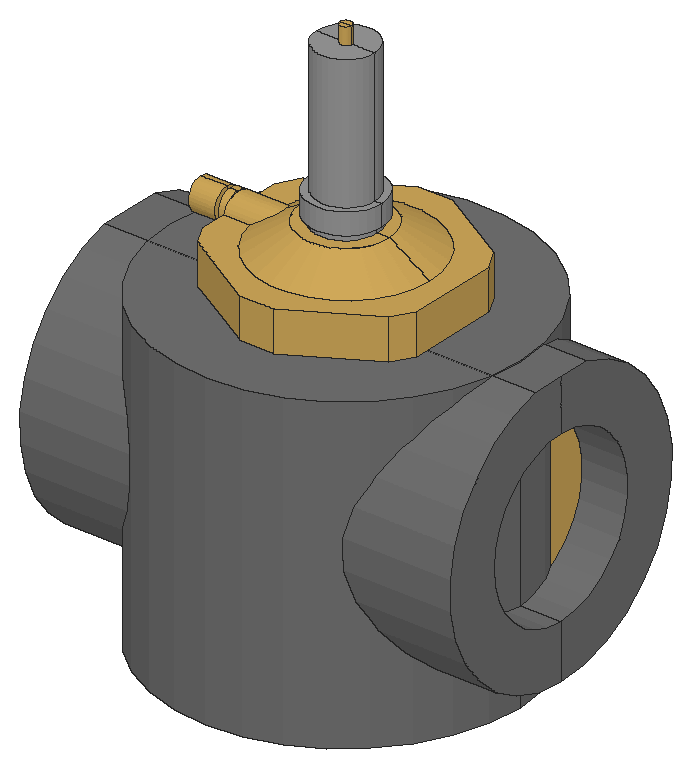
Revit family "Differenzdruckregler 4002 5-30kPa", category Rohrzubehör, Revit 2021
Family settings
  Bemaßung runder Anschluss = Durchmesser verwenden
  Teiletyp = Unterbricht
  OmniClass-Nummer = 23.65.55.14
  OmniClass-Titel = Valves for Liquid Services
  Arbeitsebenenbasiert = Nein
  Immer vertikal = Ja
  Beim Laden mit Abzugskörper schneiden = Nein
  Gemeinsam genutzt = Nein
Parameters (values of type "Mit Dämmung")
  y4 [instance] = y2 - K14  # 56.000 mm
  y3 [instance] = y2 - K14  # 56.000 mm
  y2 [instance] = K14 + K9 + H01  # 72.649 mm
  y1 [instance] = (R03 * 2) + R05  # 140.000 mm
  Vorgabe-Ansicht = 0.000 mm
  PN = 16  # constant formula
  Min. Betriebstemperatur (Frostschutz) = -20 °C  # constant formula
  Max. zulässige Betriebstemperatur bis DN32 = 130 °C  # constant formula
  Max. zulässige Betriebstemperatur DN40 - DN50 = 110 °C  # constant formula
  Max. Differenzdruck am Gehäuse = 400000.0 Pa  # constant formula
  Max. Betriebsdruck = 1600000.0 Pa  # constant formula
  Ventilschaft = "Edelstahl 14301"  # constant formula
  VRL01 = 30.000 mm  # constant formula
  V12 = 17.000 mm  # constant formula
  V10 = 16.000 mm  # constant formula
  V08 [instance] = G01 + 3.000 mm  # 38.000 mm
  V03 [instance] = G01 + 5.000 mm  # 40.000 mm
  V02 [instance] = V01 + 4.500 mm  # 29.500 mm
  V01 [instance] = Nennweite / 2  # 25.000 mm
  URL = "www.herz-armaturen.at"
  SCRNSEQ = "ARM;ARM_TYP=\"DIFR\";2"
  SCRNCODE = "05;03;4"  # constant formula
  S07 = 10.000 mm  # constant formula
  S05 [instance] = S01 - 1.000 mm  # 25.000 mm
  S04 [instance] = S02 - 1.000 mm  # 27.000 mm
  S03 [instance] = size_lookup("4002 5-30kPa", "S03", 26.500 mm, Nennweite)  # 37.700 mm
  S02 [instance] = size_lookup("4002 5-30kPa", "S02", 19.000 mm, Nennweite)  # 28.000 mm
  S01 [instance] = size_lookup("4002 5-30kPa", "S01", 14.850 mm, Nennweite)  # 26.000 mm
  Regleranschlussmutter = "Messing CW614N"  # constant formula
  Regelbereich = "5 - 30kPa"  # constant formula
  R06 [instance] = size_lookup("4002 5-30kPa", "R06", 14.500 mm, Nennweite)  # 14.500 mm
  R05 [instance] = size_lookup("4002 5-30kPa", "R05", 41.000 mm, Nennweite)  # 104.000 mm
  R04 [instance] = size_lookup("4002 5-30kPa", "R04", 12.500 mm, Nennweite)  # 14.500 mm
  R03 [instance] = size_lookup("4002 5-30kPa", "R03", 8.000 mm, Nennweite)  # 18.000 mm
  R02 = 14.500 mm  # constant formula
  R01 [instance] = size_lookup("4002 5-30kPa", "R01", 11.500 mm, Nennweite)  # 37.600 mm
  Min. Betriebstemperatur (reines Wasser) = 2 °C  # constant formula
  O-Ringe = "EPDM"  # constant formula
  Nennweite [instance] = 50.000 mm
  Membrangehäuse = "Messing CW602N"  # constant formula
  Membrane = "EPDM"  # constant formula
  Medium = "Wasserbeschaffenheit nach ÖNORM H 5195 und VDI 2035\r\nDie Verwendung von Ethylen- und Propylenglykol ist im\r\nMischungsverhältnis 25 - 50 Vol.-% zulässig."
  L07 [instance] = size_lookup("4002 5-30kPa", "L07", 28.500 mm, Nennweite)  # 70.000 mm
  L [instance] = size_lookup("4002 5-30kPa", "L", 66.000 mm, Nennweite)  # 140.000 mm
  K9 = 4.000 mm  # constant formula
  K8 = 55.000 mm  # constant formula
  K7 = 8.700 mm  # constant formula
  K6 = 11.700 mm  # constant formula
  K5 = 13.000 mm  # constant formula
  K4 = 12.000 mm  # constant formula
  K3 = 15.000 mm  # constant formula
  K2 = 2.350 mm  # constant formula
  K18 = 89.000 mm  # constant formula
  K17 = 66.700 mm  # constant formula
  K16 = 3.000 mm  # constant formula
  K15 = 26.649 mm  # constant formula
  K14 = 16.649 mm  # constant formula
  K13 = 16.649 mm  # constant formula
  K12 = 10.000 mm  # constant formula
  K11 = 35.000 mm  # constant formula
  K10 = 18.250 mm  # constant formula
  K1.1 = 2.350 mm  # constant formula
  K1 = 7.651 mm - 1.000 mm  # 6.651 mm
  J9 = 15.700 mm  # constant formula
  J8 = 7.850 mm  # constant formula
  J7 = 15.897 mm  # constant formula
  J6 = 3.900 mm  # constant formula
  J5 = 6.500 mm  # constant formula
  J4 = 1.500 mm  # constant formula
  J3 = 3.200 mm  # constant formula
  J2 = 11.000 mm  # constant formula
  J11 = 3.500 mm  # constant formula
  J10 = 18.897 mm  # constant formula
  J1 = 6.500 mm  # constant formula
  Hersteller = "HERZ-Armaturen Ges.m.b.H"  # constant formula
  H2 [instance] = size_lookup("4002 5-30kPa", "H2", 28.000 mm, Nennweite)  # 58.000 mm
  H1 [instance] = K1 + K2 + K3 + K4 + K5 + K7 + K8 + K16 + 16.650 mm  # 132.351 mm
  H04 = 4.000 mm  # constant formula
  H03 = 9.800 mm  # constant formula
  H02 [instance] = size_lookup("4002 5-30kPa", "H02", 53.000 mm, Nennweite)  # 107.000 mm
  H01 [instance] = size_lookup("4002 5-30kPa", "H01", 25.000 mm, Nennweite)  # 52.000 mm
  Gehäuse = "DZR Messing CC770S"  # constant formula
  G01 [instance] = size_lookup("4002 5-30kPa", "G01", 13.220 mm, Nennweite)  # 35.000 mm
  Einstellspindel = "Messing CW614N"  # constant formula
  Hinweise zum Material = "Gemäß Art 33 der REACH-Verordnung (EG Nr. 1907/2006) sind wir verpflichtet, darauf hinzuweisen,\r\ndass der Stoff Blei auf der SVHC-Liste geführt wird und dass alle aus Messing bestehenden Bauteile,\r\ndie in unseren Erzeugnissen verarbeitet sind, mehr als 0,1 % (w/w) Blei (CAS: 7439-92-1 / EINECS:\r\n231-100-4) enthalten. Da Blei als Legierungsbestandteil fest gebunden ist, sind keine Expositionen zu\r\nerwarten und daher sind keine zusätzlichen Angaben zur sicheren Verwendung notwendig.\r\n\r\nIm Hanf enthaltenes Ammoniak schädigt\r\nMessingventilgehäuse, EPDM Dichtungen werden durch\r\nMineralöle bzw. mineralölhaltige Schmierstoffe aufgequollen\r\nund führen somit zum Ausfall der EPDM-Dichtungen. Für\r\nFrost- und Korrosionsschutzmittel auf der Basis von Ethylen- und Propylenglykol sind die entsprechenden\r\nAngaben den Unterlagen des Herstellers zu entnehmen."
  Dämmung = yes
  Dämmschale = "EPP (expandiertes Polypropylen)"  # constant formula
  Druckfeder = "Federstahl 14310 NS"  # constant formula
  D07 [instance] = if(Nennweite = 15.000 mm, 32.000 mm, if(Nennweite = 20.000 mm, 33.000 mm, if(Nennweite = 25.000 mm, 33.000 mm, if(Nennweite = 32.000 mm, 49.000 mm, if(Nennweite = 40.000 mm, 57.560 mm, if(Nennweite = 50.000 mm, 57.560 mm, 0.000 mm))))))  # 57.560 mm
  D06 [instance] = if(Nennweite = 15.000 mm, 32.000 mm, if(Nennweite = 20.000 mm, 33.000 mm, if(Nennweite = 25.000 mm, 33.000 mm, if(Nennweite = 32.000 mm, 49.000 mm, if(Nennweite = 40.000 mm, 57.560 mm, if(Nennweite = 50.000 mm, 57.560 mm, 0.000 mm))))))  # 57.560 mm
  D05 [instance] = if(Nennweite = 15.000 mm, 36.750 mm, if(Nennweite = 20.000 mm, 40.700 mm, if(Nennweite = 25.000 mm, 49.200 mm, if(Nennweite = 32.000 mm, 54.150 mm, if(Nennweite = 40.000 mm, 60.750 mm, if(Nennweite = 50.000 mm, 72.700 mm, 0.000 mm))))))  # 72.700 mm
  D04 [instance] = if(Nennweite = 15.000 mm, 78.500 mm, if(Nennweite = 20.000 mm, 82.000 mm, if(Nennweite = 25.000 mm, 84.000 mm, if(Nennweite = 32.000 mm, 120.000 mm, if(Nennweite = 40.000 mm, 130.000 mm, if(Nennweite = 50.000 mm, 130.500 mm, 0.000 mm))))))  # 130.500 mm
  D03 [instance] = if(Nennweite = 15.000 mm, 96.000 mm, if(Nennweite = 20.000 mm, 110.000 mm, if(Nennweite = 25.000 mm, 112.000 mm, if(Nennweite = 32.000 mm, 152.000 mm, if(Nennweite = 40.000 mm, 170.000 mm, if(Nennweite = 50.000 mm, 179.000 mm, 0.000 mm))))))  # 179.000 mm
  D01 [instance] = size_lookup("4002 5-30kPa", "G01", 13.220 mm, Nennweite)  # 35.000 mm
  DN50 [instance] = Nennweite = 50.000 mm  # yes
  DN40 [instance] = Nennweite = 40.000 mm  # no
  DN32-40 [instance] = or(Nennweite = 32.000 mm, Nennweite = 40.000 mm)  # no
  DN32 [instance] = Nennweite = 32.000 mm  # no
  DN25 [instance] = Nennweite = 25.000 mm  # no
  DN20 [instance] = Nennweite = 20.000 mm  # no
  DN15-25 [instance] = or(Nennweite = 15.000 mm, Nennweite = 20.000 mm, Nennweite = 25.000 mm)  # no
  DN15,20,25,32,50 [instance] = or(Nennweite = 15.000 mm, Nennweite = 20.000 mm, Nennweite = 25.000 mm, Nennweite = 32.000 mm, Nennweite = 50.000 mm)  # yes
  DN15 [instance] = Nennweite = 15.000 mm  # no
  D02 [instance] = size_lookup("4002 5-30kPa", "R05", 41.000 mm, Nennweite)  # 104.000 mm
  Bestellnummer Dämmung [instance] = if(and(Dämmung, Nennweite = 15.000 mm), 1409611, if(and(Dämmung, Nennweite = 20.000 mm), 1409612, if(and(Dämmung, Nennweite = 25.000 mm), 1409613, if(and(Dämmung, Nennweite = 32.000 mm), 1409614, if(and(Dämmung, Nennweite = 40.000 mm), 1409615, if(and(Dämmung, Nennweite = 50.000 mm), 1409616, 0))))))  # 1409616
  Bestellnummer [instance] = size_lookup("4002 5-30kPa", "Artnr", 0, Nennweite)  # 1400246
  B2 [instance] = size_lookup("4002 5-30kPa", "B2", 31.000 mm, Nennweite)  # 41.000 mm
  B1 [instance] = size_lookup("4002 5-30kPa", "B1", 26.000 mm, Nennweite)  # 41.000 mm
  B04 = 100.649 mm  # constant formula
  B03 = 44.500 mm  # constant formula
  B02 = 104.688 mm  # constant formula
  B01 = 10.000 mm  # constant formula
  Anzeigehülse = "Kunststoff (Rot)"  # constant formula
  Anwendungsgebiet = "Der Differenzdruckregler ist ein Regler mit linearer Kennlinie in Geradsitzausführung und arbeitet ohne\r\nHilfsenergie. Der gewünschte Differenzdruck-Sollwert kann zwischen 5 und 30 kPa; 25 und 60 kPa bzw.\r\n45 und 80 kPa stufenlos eingestellt werden. Der eingestellte Wert ist mit Hilfe des Einstelldiagrammes\r\nablesbar. Werksseitig ist der Sollwert auf Minimum eingestellt. Der erforderliche Sollwert wird mit dem\r\nEinstellwerkzeug (1 4006 02) eingestellt. Im Lieferumfang enthalten ist die Impulsleitung (1000 mm),\r\ndiese ist im Vorlauf einzubinden."
  Anschlussnippel = "Messing CW602N"  # constant formula
Types (2, lengths in mm): name | Dämmung | Bestellnummer Dämmung
  Mit Dämmung | yes | 1409616
  Ohne Dämmung | no | 0
Reference planes
  plane 1 "Mitte (Vorne/hinten)": y = 0
  plane 2: z = 0
  plane 3 "Mitte (Links/rechts)": x = 0
Forms (mm)
  Revolve 1, solid, material "Messing, weicher Gelbton, geschweißt", detail levels fine
    sketch origin (0, 0, 0) x (1, 0, 0) y (0, 0, 1)
      loop
        line (-70, 0) -> (70, 0) -> (70, 35) -> (52, 35) -> (52, 37.6) -> (-52, 37.6) -> (-52, 35) -> (-70, 35) -> (-70, 0)
      axis (-70, 0) -> (70, 0)
    angle from 0 to 360
  Revolve 2, solid, material "Messing, weicher Gelbton, geschweißt", detail levels fine
    sketch origin (0, 0, 0) x (1, 0, 0) y (0, 0, 1)
      loop
        line (0, -58) -> (0, 0) -> (-27, 0) -> (-27, -48.2) -> (-28, -48.2) -> (-28, -58) -> (0, -58)
      axis (0, 0) -> (0, -58)
    angle from 0 to 360
  Extrusion 3, solid, material "Messing, weicher Gelbton, geschweißt", detail levels fine
    sketch origin (0, 0, 0) x (0, -1, 0) y (1, 0, 0)
      loop
        line (-46, -7.038) -> (-27.114, -39.75) -> (-18.886, -44.5) -> (18.886, -44.5) -> (27.114, -39.75) -> (46, -7.038) -> (46, 7.038) -> (27.114, 39.75) -> (18.886, 44.5) -> (-18.886, 44.5) -> (-27.114, 39.75) -> (-46, 7.038) -> (-46, -7.038)
    from 56 to 72.649
  Revolve 4, solid, material "Messing, weicher Gelbton, geschweißt", detail levels fine
    sketch origin (0, 0, -7.051) x (1, 0, 0) y (0, 0, 1)
      loop
        line (0, 79.7) -> (0, 89.7) -> (-18.25, 89.7) -> (-35, 79.7) -> (0, 79.7)
      axis (0, 89.7) -> (0, 79.7)
    angle from 0 to 360
  Revolve 5, solid, material "Messing, weicher Gelbton, geschweißt", visible <- "DN15-25", detail levels fine
    sketch origin (-11, 0, 0) x (1, 0, 0) y (0, 1, 0)
      loop
        line (-3.5, 41) -> (-11.2, 41) -> (-11.2, 0) -> (-3.5, 0) -> (-3.5, 41)
      axis (-3.5, 0) -> (-3.5, 41)
    angle from 0 to 360
  Revolve 6, solid, material "Messing, weicher Gelbton, geschweißt", visible <- "DN15,20,25,32,50", detail levels fine
    sketch origin (-0.988, 0, -6.853) x (-1, 0, 0) y (0, 0, 1)
      loop
        line (43.5, 78.75) -> (59.2, 78.75) -> (59.2, 85.25) -> (48.2, 85.25) -> (48.2, 82.65) -> (46.7, 82.65) -> (46.7, 85.25) -> (43.5, 85.25) -> (43.5, 78.75)
      axis (43.5, 78.75) -> (59.2, 78.75)
    angle from 0 to 360
  Extrusion 7, solid, material "Messing, weicher Gelbton, geschweißt", visible <- "DN15,20,25,32,50", detail levels fine
    sketch origin (0, 0, 0) x (0, 1, 0) y (0, 0, -1)
      loop
        line (7.85, -70.547) -> (7.85, -59.5) -> (-7.85, -59.5) -> (-7.85, -70.547)
        arc (-7.85, -70.547) -> (0, -78.397) -> (7.85, -70.547) r 7.85
    from 0 to 44.5
  Revolve 8, solid, material "Kunststoff rot", detail levels fine
    sketch origin (0, 0, 0) x (1, 0, 0) y (0, 0, 1)
      loop
        line (-12, 149.349) -> (-12, 94.349) -> (-15, 94.349) -> (-15, 85.649) -> (-13, 85.649) -> (-13, 82.649) -> (0, 82.649) -> (0, 149.349) -> (-12, 149.349)
      axis (0, 149.349) -> (0, 82.649)
    angle from 0 to 360
  Revolve 9, solid, material "Messing, weicher Gelbton, geschweißt", visible <- "DN15-25", detail levels fine
    sketch origin (-2, 0, 0) x (1, 0, 0) y (0, 1, 0)
      loop
        line (-12.5, 0) -> (-21.5, 0) -> (-21.5, -41) -> (-12.5, -41) -> (-12.5, 0)
      axis (-12.5, 0) -> (-12.5, -41)
    angle from 0 to 360
  Revolve 10, solid, material "Messing, weicher Gelbton, geschweißt", visible <- "DN15-25", detail levels fine
    sketch origin (2, 0, 0) x (1, 0, 0) y (0, 1, 0)
      loop
        line (12.5, 0) -> (12.5, -41) -> (21.6, -41) -> (21.6, 0) -> (12.5, 0)
      axis (12.5, 0) -> (12.5, -41)
    angle from 0 to 360
  Extrusion 11, solid, material "Messing, weicher Gelbton, geschweißt", visible <- "DN32", detail levels fine
    sketch origin (-31.5, 0, 0) x (1, 0, 0) y (0, 1, 0)
      loop
        circle (63, 0) r 6.578
      loop
        circle (63, 0) r 3.28
    from -47 to 0
  Extrusion 12, solid, material "Messing, weicher Gelbton, geschweißt", visible <- "DN32", detail levels fine
    sketch origin (31.5, 0, 0) x (-1, 0, 0) y (0, -1, 0)
      loop
        circle (63, 0) r 6.578
      loop
        circle (63, 0) r 3.28
    from -47 to 0
  Revolve 13, solid, material "Messing, weicher Gelbton, geschweißt", detail levels fine
    sketch origin (0, 0, 0) x (1, 0, 0) y (0, 0, 1)
      loop
        line (-25, 0) -> (0, 0) -> (0, 56) -> (-21, 56) -> (-21, 52) -> (-26, 52) -> (-26, 42.2) -> (-25, 42.2) -> (-25, 0)
      axis (0, 56) -> (0, 0)
    angle from 0 to 360
  Extrusion 14, solid, material "Messing, weicher Gelbton, geschweißt", visible <- "DN40", detail levels fine
    sketch origin (29.382, 0, 0) x (-1, 0, 0) y (0, -1, 0)
      loop
        circle (63, 0) r 6.578
      loop
        circle (63, 0) r 3.28
    from -58 to 0
  Extrusion 15, solid, material "Messing, weicher Gelbton, geschweißt", visible <- "DN40", detail levels fine
    sketch origin (-29.455, 0, 0) x (1, 0, 0) y (0, 1, 0)
      loop
        circle (63, 0) r 6.578
      loop
        circle (63, 0) r 3.28
    from -58 to 0
  Extrusion 16, solid, material "Messing, weicher Gelbton, geschweißt", visible <- "DN50", detail levels fine
    sketch origin (28.422, 0, 0) x (-1, 0, 0) y (0, -1, 0)
      loop
        circle (63, 0) r 6.578
      loop
        circle (63, 0) r 3.28
    from -58 to 0
  Extrusion 17, solid, material "Messing, weicher Gelbton, geschweißt", visible <- "DN50", detail levels fine
    sketch origin (-28.422, 0, 0) x (1, 0, 0) y (0, 1, 0)
      loop
        circle (63, 0) r 6.578
      loop
        circle (63, 0) r 3.28
    from -58 to 0
  Revolve 18, solid, material "Messing, weicher Gelbton, geschweißt", detail levels fine
    sketch origin (0, 0, 0) x (1, 0, 0) y (0, 0, 1)
      loop
        line (-2.35, 148.349) -> (0, 148.349) -> (0, 156) -> (-2.35, 156) -> (-2.35, 148.349)
      axis (0, 156) -> (0, 148.349)
    angle from 0 to 360
  Revolve 19, solid, material "Messing, weicher Gelbton, geschweißt", visible <- "DN32-40", detail levels fine
    sketch origin (-11, 0, 0) x (1, 0, 0) y (0, 1, 0)
      loop
        line (-3.5, -41) -> (-3.5, 0) -> (-11.2, 0) -> (-11.2, -41) -> (-3.5, -41)
      axis (-3.5, 0) -> (-3.5, -41)
    angle from 0 to 360
  Extrusion 20, solid, material "Messing, weicher Gelbton, geschweißt", visible <- "DN40", detail levels fine
    sketch origin (0, 0, 0) x (0, 1, 0) y (0, 0, 1)
      loop
        arc (7.85, 74.047) -> (0, 81.897) -> (-7.85, 74.047) r 7.85
        line (-7.85, 74.047) -> (-7.85, 63) -> (7.85, 63) -> (7.85, 74.047)
    from 0 to 44.5
  Revolve 21, solid, material "Messing, weicher Gelbton, geschweißt", visible <- "DN40", detail levels fine
    sketch origin (0.988, 0, -6.853) x (1, 0, 0) y (0, 0, 1)
      loop
        line (43.5, 82.25) -> (59.2, 82.25) -> (59.2, 88.75) -> (48.2, 88.75) -> (48.2, 86.15) -> (46.7, 86.15) -> (46.7, 88.75) -> (43.5, 88.75) -> (43.5, 82.25)
      axis (43.5, 82.25) -> (59.2, 82.25)
    angle from 0 to 360
  Revolve 22, solid, material "Messing, weicher Gelbton, geschweißt", not visible, detail levels fine
    sketch origin (16.501, 0, 0) x (-1, 0, 0) y (0, 0, 1)
      loop
        line (86.501, 0) -> (116.501, 0) -> (116.501, 25) -> (99.501, 25) -> (99.501, 29.5) -> (90.501, 29.5) -> (90.501, 40) -> (83.501, 40) -> (83.501, 38) -> (68.501, 38) -> (68.501, 35) -> (86.501, 35) -> (86.501, 0)
      axis (68.501, 0) -> (116.501, 0)
    angle from 0 to 360
  Revolve 23, solid, material "Messing, weicher Gelbton, geschweißt", not visible, detail levels fine
    sketch origin (-16.501, 0, 0) x (1, 0, 0) y (0, 0, 1)
      loop
        line (86.501, 0) -> (116.501, 0) -> (116.501, 25) -> (99.501, 25) -> (99.501, 29.5) -> (90.501, 29.5) -> (90.501, 40) -> (83.501, 40) -> (83.501, 38) -> (68.501, 38) -> (68.501, 35) -> (86.501, 35) -> (86.501, 0)
      axis (68.501, 0) -> (116.501, 0)
    angle from 0 to 360
  Revolve 24, solid, material "Kunststoff-Anthrazit/Schwarz", visible <- "Dämmung", detail levels fine
    sketch origin (0, 0, 0) x (1, 0, 0) y (0, 0, 1)
      loop
        line (89.5, 57.56) -> (-89.5, 57.56) -> (-89.5, 35) -> (-52, 35) -> (-52, 0) -> (0, 0) -> (52, 0) -> (52, 35) -> (89.5, 35) -> (89.5, 57.56)
      axis (-89.5, 0) -> (89.5, 0)
    angle from 0 to 360
  Revolve 25, solid, material "Kunststoff-Anthrazit/Schwarz", visible <- "Dämmung", detail levels fine
    sketch origin (0, 0, 0) x (1, 0, 0) y (0, 0, 1)
      loop
        line (0, 57.56) -> (0, -72.94) -> (72.7, -72.94) -> (72.7, 57.56) -> (0, 57.56)
      axis (0, -72.94) -> (0, 57.56)
    angle from 0 to 360
  Extrusion 26, void
    sketch origin (-250.451, -32.5, 0) x (1, 0, 0) y (0, 1, 0)
      loop
        line (153.352, -86.003) -> (360.451, -86.003) -> (360.451, 115.627) -> (153.352, 115.627) -> (153.352, -86.003)
    from 56 to 72.649
  Extrusion 27, void
    sketch origin (-295.468, -55, 0) x (1, 0, 0) y (0, 1, 0)
      loop
        line (159.813, -75.595) -> (420.468, -75.595) -> (420.468, 210) -> (159.813, 210) -> (159.813, -75.595)
    from 56 to 72.649
Cuts and joins
  Extrusion 26 cuts Revolve 24
  Extrusion 27 cuts Revolve 25
Lines and regions (mm)
  model lines, detail levels coarse+medium
    curve 1: line (70, -35, 0) -> (70, 35, 0)
    curve 2: line (70, 35, 0) -> (-70, -35, 0)
    curve 3: line (-70, -35, 0) -> (-70, 35, 0)
    curve 4: line (-70, 35, 0) -> (70, -35, 0)
    curve 5: line (0, -42, 0) -> (0, -56, 0)
    curve 6: spline (-44.5, -64.324, 0) -> (-42.984, -62.17, 0) -> (-38.538, -60.162, 0) -> (-31.466, -58.438, 0) -> (-22.25, -57.115, 0) -> (-11.517, -56.284, 0) -> (0, -56, 0) -> (11.517, -56.284, 0) -> (22.25, -57.115, 0) -> (31.466, -58.438, 0) -> (38.538, -60.162, 0) -> (42.984, -62.17, 0) -> (44.5, -64.325, 0) -> (42.984, -66.479, 0) -> (38.538, -68.487, 0) -> (31.466, -70.211, 0) -> (22.25, -71.534, 0) -> (11.517, -72.365, 0) -> (0, -72.649, 0) -> (-11.517, -72.365, 0) -> (-22.25, -71.534, 0) -> (-31.466, -70.211, 0) -> (-38.538, -68.487, 0) -> (-42.984, -66.479, 0) -> (-44.5, -64.324, 0)
    curve 7: line (-70, 0, 35) -> (-70, 0, -35)
    curve 8: line (-70, 0, -35) -> (70, 0, 35)
    curve 10: line (70, 0, -35) -> (-70, 0, 35)
    curve 11: line (0, 0, 35) -> (0, 0, 56)
    curve 12: spline (-44.5, 0, 64.325) -> (-42.984, 0, 66.479) -> (-38.538, 0, 68.487) -> (-31.466, 0, 70.211) -> (-22.25, 0, 71.534) -> (-11.517, 0, 72.365) -> (0, 0, 72.649) -> (11.517, 0, 72.365) -> (22.25, 0, 71.534) -> (31.466, 0, 70.211) -> (38.538, 0, 68.487) -> (42.984, 0, 66.479) -> (44.5, 0, 64.324) -> (42.984, 0, 62.17) -> (38.538, 0, 60.162) -> (31.466, 0, 58.438) -> (22.25, 0, 57.115) -> (11.517, 0, 56.284) -> (0, 0, 56) -> (-11.517, 0, 56.284) -> (-22.25, 0, 57.115) -> (-31.466, 0, 58.438) -> (-38.538, 0, 60.162) -> (-42.984, 0, 62.17) -> (-44.5, 0, 64.325)
    curve 13: line (0, 0, 35) -> (35, 0, 17.5)
    curve 14: line (0, 0, 35) -> (-35, 0, 17.5)
    curve 15: line (70, 0, 0) -> (100, 0, 0)
    curve 16: line (0, -42, 0) -> (-18.2, -9.1, 0)
    curve 17: line (0, -42, 0) -> (18.2, -9.1, 0)
    curve 22: line (70, 0, 35) -> (80, 0, 35)
    curve 23: line (80, 0, 35) -> (70, 0, 0)
    curve 24: line (70, 0, 0) -> (100, 0, 0)
    curve 25: line (70, 0, -35) -> (80, 0, -35)
    curve 26: line (80, 0, -35) -> (70, 0, 0)
    curve 27: line (-70, 35, 0) -> (-80, 35, 0)
    curve 28: line (-80, 35, 0) -> (-70, 0, 0)
    curve 29: line (-70, -35, 0) -> (-80, -35, 0)
    curve 30: line (-80, -35, 0) -> (-70, 0, 0)
    curve 31: line (70, -35, 0) -> (70, 35, 0)
    curve 32: line (70, 35, 0) -> (80, 35, 0)
    curve 33: line (80, 35, 0) -> (70, 0, 0)
    curve 34: line (70, -35, 0) -> (80, -35, 0)
    curve 35: line (80, -35, 0) -> (70, 0, 0)
  model lines, detail levels coarse
    curve 9: line (70, 0, 35) -> (70, 0, -35)
    curve 18: line (-70, 0, 35) -> (-80, 0, 35)
    curve 19: line (-80, 0, 35) -> (-70, 0, 0)
    curve 20: line (-70, 0, -35) -> (-80, 0, -35)
    curve 21: line (-80, 0, -35) -> (-70, 0, 0)
  model lines
    curve 36: line (0, 0, 0) -> (0, -37.5, 0)
    curve 37: line (0, 0, 0) -> (0, -61.5, 0)
Dimensions and locks
  "G01": Revolve 1 sketch curve to Revolve 1 sketch curve  (x2)
  "R01": Revolve 1 sketch curve to Revolve 1 sketch curve
  "R03": Revolve 1 sketch curve to Revolve 1 sketch curve  (x2)
  "K10": Revolve 4 sketch curve to Revolve 4 sketch curve
  "K11": Revolve 4 sketch curve to Revolve 4 sketch curve
  "B1": Revolve 5 sketch curve to Revolve 5 sketch curve
  "J1": Revolve 6 sketch curve to Revolve 6 sketch curve
  "J3": Revolve 6 sketch curve to Revolve 6 sketch curve
  "J4": Revolve 6 sketch curve to Revolve 6 sketch curve
  "J2": Revolve 6 sketch curve to Revolve 6 sketch curve
  "J5": Revolve 6 sketch curve to Revolve 6 sketch curve
  "J6": Revolve 6 sketch curve to Revolve 6 sketch curve
  "H2": plane 2 to Revolve 2 sketch curve
  "H03": Revolve 2 sketch curve to Revolve 2 sketch curve
  "S02": plane 3 "Mitte (Links/rechts)" to Revolve 2 sketch curve
  "B02": Revolve 6 to Extrusion 3
  "B03": Extrusion 3 to plane 3 "Mitte (Links/rechts)"
  "R04": Revolve 5 sketch curve to plane 3 "Mitte (Links/rechts)"
  "K4": Revolve 8 sketch curve to Revolve 8 sketch curve
  "K3": Revolve 8 sketch curve to Revolve 8 sketch curve
  "K7": Revolve 8 sketch curve to Revolve 8 sketch curve
  "K5": Revolve 8 sketch curve to Revolve 8 sketch curve
  "K8": Revolve 8 sketch curve to Revolve 8 sketch curve
  "K12": Revolve 4 sketch curve to Revolve 4 sketch curve
  "K13": Revolve 4 sketch curve to Extrusion 3
  "K14": Extrusion 3 to Extrusion 3
  "K16": Revolve 8 sketch curve to Revolve 8 sketch curve
  "K15": Revolve 8 to Extrusion 3
  "R05": Revolve 1 sketch curve to Revolve 1 sketch curve
  plane 3 "Mitte (Links/rechts)" to Revolve 1 sketch curve = 70.000 mm
  Revolve 1 sketch curve to plane 3 "Mitte (Links/rechts)" = 70.000 mm
  equal spacing: Revolve 1 sketch curve, plane 3 "Mitte (Links/rechts)", Revolve 1 sketch curve
  "B2": plane 1 "Mitte (Vorne/hinten)" to Revolve 9 sketch curve
  "B2": Revolve 10 sketch curve to plane 1 "Mitte (Vorne/hinten)"
  "R06": Revolve 9 sketch curve to plane 3 "Mitte (Links/rechts)"
  "R06": plane 3 "Mitte (Links/rechts)" to Revolve 10 sketch curve
  "S01": Revolve 13 sketch curve to plane 3 "Mitte (Links/rechts)"
  "S05": plane 3 "Mitte (Links/rechts)" to Revolve 13 sketch curve
  "H04": Revolve 13 sketch curve to Revolve 13 sketch curve
  "H03": Revolve 13 sketch curve to Revolve 13 sketch curve
  "H01": Revolve 13 sketch curve to plane 2
  "K9": Extrusion 3 to Revolve 13
  Revolve 2 sketch curve to Revolve 2 sketch curve = 1.000 mm
  "J7": Revolve 6 sketch curve to Extrusion 3
  "J9": Extrusion 7 sketch curve to Extrusion 7 sketch curve
  "J10": Revolve 6 to Extrusion 7 sketch curve
  "J11": Extrusion 7 sketch curve to Extrusion 3
  equal spacing: curve 7, curve 6, curve 9
  "K18": Extrusion 3 to Extrusion 3
  equal spacing: curve 7, curve 14, curve 14
  equal spacing: curve 14, curve 13, curve 9
  "G01": curve 10 to plane 2
  "G01": plane 2 to curve 8
  "G01": curve 9 to plane 2
  "G01": plane 2 to curve 10
  "K18": curve 12 to curve 12
  "y1": curve 7 to curve 9
  "G01": curve 14 to plane 2
  "K14": curve 12 to curve 12
  "y2": curve 12 to plane 2
  "G01": plane 1 "Mitte (Vorne/hinten)" to curve 4
  "G01": curve 3 to plane 1 "Mitte (Vorne/hinten)"
  equal spacing: curve 3, curve 12, curve 1
  equal spacing: curve 3, curve 17, curve 1
  "y1": curve 3 to curve 1
  "G01": plane 1 "Mitte (Vorne/hinten)" to curve 2
  "G01": curve 4 to plane 1 "Mitte (Vorne/hinten)"
  "K18": curve 6 to curve 6
  "K14": curve 6 to curve 6
  "y2": curve 6 to plane 1 "Mitte (Vorne/hinten)"
  "K1": Revolve 18 sketch curve to Revolve 8
  "K1.1": plane 3 "Mitte (Links/rechts)" to Revolve 18 sketch curve
  "B1": Revolve 19 sketch curve to Revolve 19 sketch curve
  "R04": Revolve 19 sketch curve to plane 3 "Mitte (Links/rechts)"
  Revolve 18 to Revolve 2 = 214.000 mm
  "J9": Extrusion 20 sketch curve to Extrusion 20 sketch curve
  "J1": Revolve 21 sketch curve to Revolve 21 sketch curve
  "J3": Revolve 21 sketch curve to Revolve 21 sketch curve
  "J4": Revolve 21 sketch curve to Revolve 21 sketch curve
  "J2": Revolve 21 sketch curve to Revolve 21 sketch curve
  "J5": Revolve 21 sketch curve to Revolve 21 sketch curve
  "J6": Revolve 21 sketch curve to Revolve 21 sketch curve
  "R03": Revolve 22 sketch curve to Revolve 22 sketch curve
  "V12": Revolve 22 sketch curve to Revolve 22 sketch curve
  "VRL01": Revolve 22 sketch curve to Revolve 22 sketch curve
  "V10": Revolve 22 sketch curve to Revolve 22 sketch curve
  "V01": Revolve 22 sketch curve to plane 2
  "V02": Revolve 22 sketch curve to plane 2
  "G01": Revolve 22 sketch curve to plane 2
  "V08": Revolve 22 sketch curve to plane 2
  "V03": Revolve 22 sketch curve to plane 2
  "L07": Revolve 22 to plane 3 "Mitte (Links/rechts)"
  "R03": Revolve 23 sketch curve to Revolve 23 sketch curve
  "V12": Revolve 23 sketch curve to Revolve 23 sketch curve
  "VRL01": Revolve 23 sketch curve to Revolve 23 sketch curve
  "V10": Revolve 23 sketch curve to Revolve 23 sketch curve
  "V01": Revolve 23 sketch curve to plane 2
  "V02": Revolve 23 sketch curve to plane 2
  "G01": Revolve 23 sketch curve to plane 2
  "V08": Revolve 23 sketch curve to plane 2
  "V03": Revolve 23 sketch curve to plane 2
  "L07": plane 3 "Mitte (Links/rechts)" to Revolve 23
  "S07": curve 21 to Revolve 1
  "S07": curve 19 to Revolve 22
  "S07": Revolve 23 to curve 23
  "S07": Revolve 23 to curve 26
  "S07": curve 28 to curve 3
  "S07": curve 30 to curve 3
  "S07": curve 31 to curve 33
  "S07": curve 31 to curve 35
  equal spacing: Revolve 24 sketch curve, plane 3 "Mitte (Links/rechts)", Revolve 24 sketch curve  (x2)
  "D01": Revolve 24 sketch curve to plane 2  (x2)
  "D02": Revolve 24 sketch curve to Revolve 24 sketch curve
  "D03": Revolve 24 sketch curve to Revolve 24 sketch curve
  "D04": Revolve 25 sketch curve to Revolve 25 sketch curve
  "D05": Revolve 25 sketch curve to plane 3 "Mitte (Links/rechts)"
  "D06": Revolve 25 sketch curve to plane 2
  plane 2 to Revolve 25 sketch curve = 72.940 mm
  "K9": Extrusion 26 to Revolve 13
  "K14": Extrusion 26 to Extrusion 26
  "K14": Extrusion 27 to Extrusion 27
  "K9": Extrusion 27 to Revolve 13
  "D07": Revolve 24 sketch curve to plane 2
  "J8": radius of Extrusion 7 sketch curve
  "J8": radius of Extrusion 20 sketch curve
  aligned and locked: level to plane 2
Automatic sketch dimensions
  plane 3 "Mitte (Links/rechts)" to Extrusion 3 sketch curve = 7.038 mm  (x2)
  Extrusion 3 sketch curve to plane 1 "Mitte (Vorne/hinten)" = 46.000 mm
  Extrusion 3 sketch curve to plane 1 "Mitte (Vorne/hinten)" = 27.114 mm  (x2)
  Extrusion 3 sketch curve to Extrusion 3 sketch curve = 8.227 mm  (x4)
  plane 1 "Mitte (Vorne/hinten)" to Extrusion 3 sketch curve = 18.886 mm  (x2)
  Extrusion 3 sketch curve to Extrusion 3 sketch curve = 18.886 mm
  Extrusion 3 sketch curve to plane 3 "Mitte (Links/rechts)" = 7.038 mm  (x2)
  Extrusion 3 sketch curve to Extrusion 3 sketch curve = 32.712 mm  (x4)
  Extrusion 3 sketch curve to Extrusion 3 sketch curve = 4.750 mm  (x2)
  Extrusion 11 sketch curve to Extrusion 11 sketch curve = 0.000 mm  (x2)
  plane 1 "Mitte (Vorne/hinten)" to Extrusion 11 sketch curve = 0.000 mm
  plane 3 "Mitte (Links/rechts)" to Extrusion 11 sketch curve = 31.500 mm
  Extrusion 12 sketch curve to Extrusion 12 sketch curve = 0.000 mm  (x2)
  plane 1 "Mitte (Vorne/hinten)" to Extrusion 12 sketch curve = 0.000 mm
  plane 3 "Mitte (Links/rechts)" to Extrusion 12 sketch curve = 31.500 mm
  Extrusion 14 sketch curve to Extrusion 14 sketch curve = 0.000 mm  (x2)
  plane 1 "Mitte (Vorne/hinten)" to Extrusion 14 sketch curve = 0.000 mm
  plane 3 "Mitte (Links/rechts)" to Extrusion 14 sketch curve = 33.618 mm
  Extrusion 15 sketch curve to Extrusion 15 sketch curve = 0.000 mm  (x2)
  plane 1 "Mitte (Vorne/hinten)" to Extrusion 15 sketch curve = 0.000 mm
  plane 3 "Mitte (Links/rechts)" to Extrusion 15 sketch curve = 33.545 mm
  Extrusion 16 sketch curve to Extrusion 16 sketch curve = 0.000 mm  (x2)
  plane 1 "Mitte (Vorne/hinten)" to Extrusion 16 sketch curve = 0.000 mm
  plane 3 "Mitte (Links/rechts)" to Extrusion 16 sketch curve = 34.578 mm
  Extrusion 17 sketch curve to Extrusion 17 sketch curve = 0.000 mm  (x2)
  plane 1 "Mitte (Vorne/hinten)" to Extrusion 17 sketch curve = 0.000 mm
  plane 3 "Mitte (Links/rechts)" to Extrusion 17 sketch curve = 34.578 mm
  curve 37 to plane 1 "Mitte (Vorne/hinten)" = 0.000 mm
  curve 36 to curve 36 = 37.500 mm
  curve 37 to curve 36 = 24.000 mm
  curve 36 to level = 0.000 mm
  plane 1 "Mitte (Vorne/hinten)" to Extrusion 26 sketch curve = 118.503 mm
  Extrusion 26 sketch curve to plane 1 "Mitte (Vorne/hinten)" = 83.127 mm
  Extrusion 26 sketch curve to plane 3 "Mitte (Links/rechts)" = 97.099 mm
  Extrusion 26 sketch curve to Extrusion 26 sketch curve = 207.099 mm
  plane 1 "Mitte (Vorne/hinten)" to Extrusion 27 sketch curve = 130.595 mm
  Extrusion 27 sketch curve to plane 1 "Mitte (Vorne/hinten)" = 155.000 mm
  Extrusion 27 sketch curve to plane 3 "Mitte (Links/rechts)" = 135.656 mm
  Extrusion 27 sketch curve to Extrusion 27 sketch curve = 260.656 mm
  curve 14 to plane 3 "Mitte (Links/rechts)" = 0.000 mm
  curve 12 to plane 3 "Mitte (Links/rechts)" = 0.000 mm
  curve 15 to level = 0.000 mm
  curve 24 to level = 0.000 mm
  curve 21 to level = 0.000 mm
  curve 19 to level = 0.000 mm
  curve 15 to curve 15 = 30.000 mm
  curve 24 to curve 15 = 0.000 mm
  plane 1 "Mitte (Vorne/hinten)" to curve 28 = 0.000 mm
  curve 17 to plane 3 "Mitte (Links/rechts)" = 0.000 mm
  curve 6 to plane 3 "Mitte (Links/rechts)" = 0.000 mm
  plane 1 "Mitte (Vorne/hinten)" to curve 33 = 0.000 mm
  curve 5 to curve 16 = 14.000 mm
  plane 1 "Mitte (Vorne/hinten)" to curve 16 = 9.100 mm
  plane 1 "Mitte (Vorne/hinten)" to curve 17 = 9.100 mm
  Revolve 1 sketch curve to level = 0.000 mm  (x2)
  Revolve 1 sketch curve to Revolve 1 sketch curve = 1473.530 mm
  Revolve 1 sketch curve to Revolve 1 sketch curve = 1806.148 mm
  Revolve 2 sketch curve to level = 0.000 mm
  Revolve 2 sketch curve to plane 3 "Mitte (Links/rechts)" = 0.000 mm  (x2)
  Revolve 2 sketch curve to Revolve 2 sketch curve = 1.000 mm
  Revolve 2 sketch curve to Revolve 2 sketch curve = 334.045 mm
  level to Revolve 2 sketch curve = 2218.015 mm
  Revolve 4 sketch curve to plane 3 "Mitte (Links/rechts)" = 0.000 mm  (x2)
  Revolve 4 sketch curve to level = 373.096 mm
  Revolve 4 sketch curve to Revolve 4 sketch curve = 2155.315 mm
  plane 1 "Mitte (Vorne/hinten)" to Revolve 5 sketch curve = 0.000 mm  (x2)
  Revolve 5 sketch curve to Revolve 5 sketch curve = 0.000 mm  (x2)
  Revolve 5 sketch curve to Revolve 5 sketch curve = 7.700 mm
  plane 3 "Mitte (Links/rechts)" to Revolve 6 sketch curve = 44.488 mm
  Revolve 6 sketch curve to Revolve 6 sketch curve = 0.000 mm  (x3)
  Extrusion 7 sketch curve to plane 1 "Mitte (Vorne/hinten)" = 0.000 mm
  Extrusion 7 sketch curve to Extrusion 7 sketch curve = 11.047 mm
  Extrusion 7 sketch curve to Extrusion 7 sketch curve = 0.000 mm
  Revolve 8 sketch curve to plane 3 "Mitte (Links/rechts)" = 0.000 mm  (x2)
  level to Revolve 8 sketch curve = 82.649 mm
  Revolve 8 sketch curve to Revolve 8 sketch curve = 0.000 mm  (x2)
  plane 1 "Mitte (Vorne/hinten)" to Revolve 9 sketch curve = 0.000 mm  (x2)
  Revolve 9 sketch curve to Revolve 9 sketch curve = 9.000 mm
  Revolve 9 sketch curve to Revolve 9 sketch curve = 0.000 mm  (x2)
  plane 1 "Mitte (Vorne/hinten)" to Revolve 10 sketch curve = 0.000 mm  (x2)
  Revolve 10 sketch curve to Revolve 10 sketch curve = 9.100 mm
  Revolve 10 sketch curve to Revolve 10 sketch curve = 0.000 mm  (x2)
  Revolve 13 sketch curve to level = 0.000 mm  (x2)
  Revolve 13 sketch curve to plane 3 "Mitte (Links/rechts)" = 0.000 mm  (x2)
  Revolve 13 sketch curve to Revolve 13 sketch curve = 5.000 mm
  Revolve 13 sketch curve to Revolve 13 sketch curve = 0.000 mm
  Revolve 18 sketch curve to plane 3 "Mitte (Links/rechts)" = 0.000 mm  (x2)
  Revolve 18 sketch curve to Revolve 18 sketch curve = 7.651 mm
  Revolve 18 sketch curve to Revolve 18 sketch curve = 0.000 mm  (x2)
  plane 1 "Mitte (Vorne/hinten)" to Revolve 19 sketch curve = 0.000 mm  (x2)
  Revolve 19 sketch curve to Revolve 19 sketch curve = 7.700 mm
  Revolve 19 sketch curve to Revolve 19 sketch curve = 0.000 mm  (x2)
  Extrusion 20 sketch curve to plane 1 "Mitte (Vorne/hinten)" = 0.000 mm
  level to Extrusion 20 sketch curve = 63.000 mm
  Extrusion 20 sketch curve to Extrusion 20 sketch curve = 11.047 mm
  Extrusion 20 sketch curve to Extrusion 20 sketch curve = 0.000 mm
  plane 3 "Mitte (Links/rechts)" to Revolve 21 sketch curve = 44.488 mm
  level to Revolve 21 sketch curve = 75.397 mm
  Revolve 21 sketch curve to Revolve 21 sketch curve = 0.000 mm  (x3)
  Revolve 22 sketch curve to level = 0.000 mm  (x2)
  plane 3 "Mitte (Links/rechts)" to Revolve 22 sketch curve = 52.000 mm
  Revolve 22 sketch curve to Revolve 22 sketch curve = 4.000 mm
  Revolve 22 sketch curve to Revolve 22 sketch curve = 0.000 mm  (x2)
  Revolve 23 sketch curve to level = 0.000 mm  (x2)
  plane 3 "Mitte (Links/rechts)" to Revolve 23 sketch curve = 52.000 mm
  Revolve 23 sketch curve to Revolve 23 sketch curve = 4.000 mm
  Revolve 23 sketch curve to Revolve 23 sketch curve = 0.000 mm  (x2)
  Revolve 24 sketch curve to level = 0.000 mm  (x2)
  Revolve 24 sketch curve to plane 3 "Mitte (Links/rechts)" = 0.000 mm
  Revolve 24 sketch curve to Revolve 24 sketch curve = 0.000 mm  (x2)
  Revolve 25 sketch curve to plane 3 "Mitte (Links/rechts)" = 0.000 mm  (x2)
  Revolve 25 sketch curve to Revolve 25 sketch curve = 0.000 mm  (x2)
  radius of Extrusion 11 sketch curve = 6.578 mm
  radius of Extrusion 11 sketch curve = 3.280 mm
  radius of Extrusion 12 sketch curve = 6.578 mm
  radius of Extrusion 12 sketch curve = 3.280 mm
  radius of Extrusion 14 sketch curve = 6.578 mm
  radius of Extrusion 14 sketch curve = 3.280 mm
  radius of Extrusion 15 sketch curve = 6.578 mm
  radius of Extrusion 15 sketch curve = 3.280 mm
  radius of Extrusion 16 sketch curve = 6.578 mm
  radius of Extrusion 16 sketch curve = 3.280 mm
  radius of Extrusion 17 sketch curve = 6.578 mm
  radius of Extrusion 17 sketch curve = 3.280 mm
Nested families
  nested 1: "Herz-Logo-vorne" at (-0.018, 17.815, -12.904) x (0, -1, 0) z (0, 0, 1), type "Herz-Logo-vorne", detail levels fine
  nested 2: "Herz-Logo-vorne" at (-0.018, 29.612, 0) x (0, -1, 0) z (0, 0, 1), visible <- "DN32", type "Herz-Logo-vorne", detail levels fine
  nested 3: "Herz-Logo-vorne" at (-0.018, 38.665, 0) x (0, -1, 0) z (0, 0, 1), visible <- "DN40", type "Herz-Logo-vorne", detail levels fine
  nested 4: "Herz-Logo-vorne" at (-0.018, 36.048, 0) x (0, -1, 0) z (0, 0, 1), visible <- "DN50", type "Herz-Logo-vorne", detail levels fine
  nested 5: "Herz-Logo-vorne" at (-0.018, 38.665, 0) x (0, -1, 0) z (0, 0, 1), visible <- "DN50", type "Herz-Logo-vorne", detail levels fine
Connectors
  piping at (-70, 0, 0), diameter 50, driven by "Nennweite"
    settings: on Revolve 1, index 1, connector inside diameter 609.6 mm, connector length 0.000 mm, flow factor 0, pipe flow 0.0 L/s, pressure drop 0.0 Pa, fitting loss kfactor 0, connector angle 0.00°, fixture units 0, engagement length 0.000 mm, angle of deflection 0.00°, flow configuration 0, flow direction 1, fitting loss method 0, system type 7, joint type 0, gender type 0, connector reference index -1, connector utility 0, adjustable connector no, is connector primary yes, connector description ""
  piping at (70, 0, 0), diameter 50, driven by "Nennweite"
    settings: on Revolve 1, index 2, connector inside diameter 609.6 mm, connector length 0.000 mm, flow factor 0, pipe flow 0.0 L/s, pressure drop 0.0 Pa, fitting loss kfactor 0, connector angle 0.00°, fixture units 0, engagement length 0.000 mm, angle of deflection 0.00°, flow configuration 0, flow direction 2, fitting loss method 0, system type 29, joint type 0, gender type 0, connector reference index -1, connector utility 0, adjustable connector no, is connector primary no, connector description ""
Definition of nested family "Herz-Logo-vorne"
  Parameters (values of type "Herz-Logo-vorne")
    Default Elevation = 0.000 mm
  Reference planes
    plane 1 "Mitte (Vorne/hinten)": y = 0
    plane 2: z = 0
    plane 3 "Mitte (Links/rechts)": x = 0
  Forms (mm)
    Extrusion 1, solid
      sketch origin (0.732, -0.018, 0.017) x (0, -1, 0) y (0, 0, 1)
        loop
          line (-0.018, -4.517) -> (4.482, -4.517) -> (4.482, 4.483) -> (-4.518, 4.483) -> (-4.518, -4.517) -> (-0.018, -4.517)
        loop
          line (-0.05, -3.48) -> (3.482, -3.48) -> (3.482, 3.483) -> (-3.518, 3.483) -> (-3.518, -3.48) -> (-0.05, -3.48)
        loop
          arc (-0.018, 2.383) -> (-1.543, 3.287) -> (-3.067, 2.383) r 1.738
          arc (-3.067, 2.383) -> (-3.191, 1.899) -> (-3.067, 1.415) r 1.009
          line (-3.067, 1.415) -> (-0.018, -3.281) -> (3.032, 1.415)
          arc (3.032, 1.415) -> (3.156, 1.899) -> (3.032, 2.383) r 1.009
          arc (3.032, 2.383) -> (1.507, 3.287) -> (-0.018, 2.383) r 1.738
        loop
          arc (1.885, 1.272) -> (2.005, 1.675) -> (1.885, 2.079) r 0.74
          arc (1.885, 2.079) -> (1.265, 2.416) -> (0.644, 2.079) r 0.74
          line (0.644, 2.079) -> (-0.018, 0.97) -> (-0.679, 2.079)
          arc (-0.679, 2.079) -> (-1.3, 2.416) -> (-1.921, 2.079) r 0.74
          arc (-1.921, 2.079) -> (-2.04, 1.675) -> (-1.921, 1.272) r 0.74
          line (-1.921, 1.272) -> (-0.018, -1.658) -> (1.885, 1.272)
      from 0 to 1.5
  Dimensions and locks
    aligned and locked: level to plane 2
